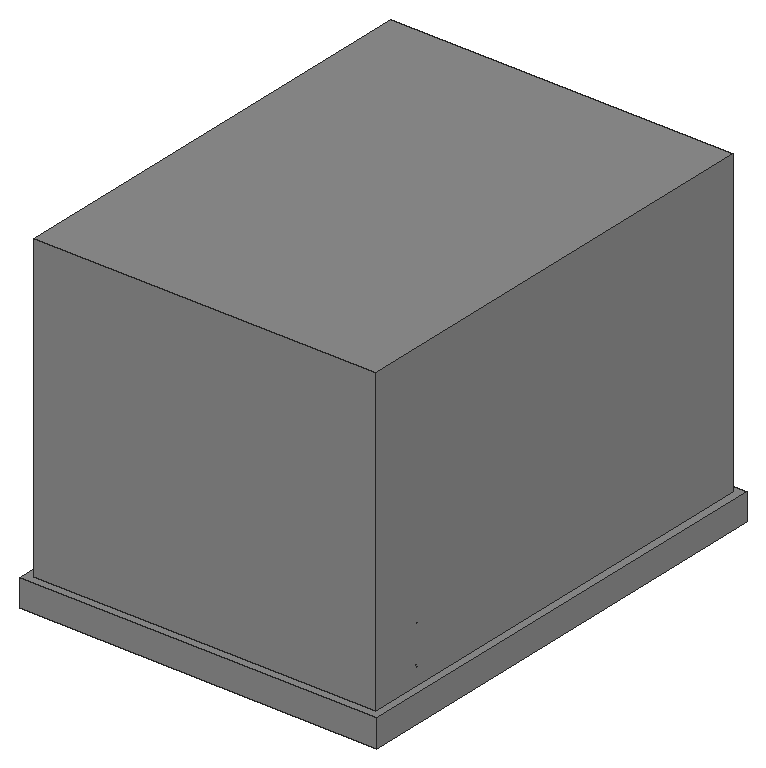
Revit family
Parameters (values of type "38AUZ07")
  Wired Condenser Coil Grille [instance] = no
  Width = 4' - 11 3/8"
  Voltage = 0 V
  Version = 1
  Unit Material = Paint - Carrier - American Sterling Gray
  URL = "www.carrier.com"
  Type Comments = "6 Tons Air Cooled Condensing Unit"
  Temperature Control [instance] = no
  Suction Connection Size = 1 1/8"
  Suction Connection Radus = Suction Connection Size / 2  # 9/16"
  Special Coated Coil Protection [instance] = no
  Right Clearance = 3' - 0"
  Programmable Thermostat [instance] = no
  Model = "38AUZ07"
  Manufacturer = "Carrier"  # constant formula
  MOCP = 0 A
  MCA = 0 A
  Louvered Hail Guard [instance] = no
  Liquid Connection Size = 3/8"
  Liquid Connection Radius = Liquid Connection Size / 2  # 3/16"
  Length = 3' - 9 7/8"
  Left Clearance = 3' - 0"
  IEER = 12.2
  Height = 3' - 6 3/8"
  Front Clearance = 3' - 6"
  Fan Radius = 1' - 0"
  Fan Centerline from Right and Front = Fan Radius + 0' 6"  # 1' - 6"
  Fan Centerline from Left and Back = Fan Radius + 0' 2"  # 1' - 2"
  EER = 11.5
  Disconnect Switch [instance] = no
  Disclaimer = "Manufacturer reserves the right to change, at any time, specifications and designs without notice and without obligation.  Please verify critical parameters with local Carrier commercial sales office."  # constant formula
  Convenience Outlet [instance] = no
  Back Clearance = 3' - 0"
  Assembly Code = "D3030"
Types (5): name | Type Comments | Suction Connection Size | Suction Connection Radus | Model | Liquid Connection Size | Liquid Connection Radius | IEER | Height | EER
  (no name) | "6 Tons Air Cooled Condensing Unit" | 1 1/8" | 9/16" | "38AUZ07" | 3/8" | 3/16" | 12.2 | 3' - 6 3/8" | 11.5
  38AUZ07 | "6 Tons Air Cooled Condensing Unit" | 1 1/8" | 9/16" | "38AUZ07" | 3/8" | 3/16" | 12.2 | 3' - 6 3/8" | 11.5
  38AUZ08 | "7.5 Tons Air Cooled Condensing Unit" | 1 1/8" | 9/16" | "38AUZ08" | 1/2" | 1/4" | 11.8 | 3' - 6 3/8" | 11.2
  38AUZ12 | "10 Tons Air Cooled Condensing Unit" | 1 3/8" | 11/16" | "28AUZ12" | 1/2" | 1/4" | 12 | 4' - 2 3/8" | 11.2
  38AUZ14 | "12.5 Tons Air Cooled Condensing Unit" | 1 3/8" | 11/16" | "38AUZ14" | 5/8" | 5/16" | 12 | 4' - 2 3/8" | 11
Reference planes (in)
  plane 1 "Center (Front/Back)": y = 0
  plane 2: z = 0
  plane 3 "Center (Left/Right)": x = 0
  plane 4 "Back Face of Base": y = 29.6875
  plane 5 "Front Face of Base": y = -29.6875
  plane 6 "Left Face of Base": x = -22.9375
  plane 7 "Right Face of Base": x = 22.9375
  plane 8 "Back Clearance Line": y = 65.6875
  plane 9 "Left Clearance Line": x = -58.9375
  plane 10 "Right Clearance Line": x = 58.9375
  plane 11 "Front Clearance Line": y = -71.6875
  plane 12 "Top of Unit": z = 42.375
  plane 13 "Bottom of Unit": z = 0
  plane 14 "Top of Base": z = 3.5
  plane 15 "Back Face of Unit": y = 28.6875
  plane 16 "Front Face of Unit": y = -28.6875
  plane 17 "Left Face of Unit": x = -21.9375
  plane 18 "Right Face of Unit": x = 21.9375
  plane 19 "Back Fan Centerline - Side to Side": y = 14.6875
  plane 20 "Front Fan Centerline - Side to Side": y = -10.6875
  plane 21 "Front Fan Centerline - Front to Back": x = -7.9375
  plane 22 "Back Fan Centerline - Front to Back": x = 3.9375
  plane 23 "Liquid and Section Connections": y = -21.5625
  plane 24 "Suction Connection": z = 11.25
  plane 25 "Liquid Connection": z = 6.25
  plane 26 "Power Entry Centerline - Vertical": z = 29.125
  plane 27 "Convenience Outlet Centerline - Vertical": z = 17
  plane 28 "Power Entry Centerline - Horizontal": y = -24.9375
  plane 29 "Convenience Outlet Centerline - Horizontal": y = -24.1875
Forms (in)
  Extrusion 1, solid, material "Paint - Carrier - American Sterling Gray" <- "Unit Material"
    sketch origin (0, 0, 3.5) x (-1, 0, 0) y (0, -1, 0)
      loop
        line (21.9375, 28.6875) -> (-21.9375, 28.6875) -> (-21.9375, -28.6875) -> (21.9375, -28.6875) -> (21.9375, 28.6875)
    from 0 to 38.875
  Extrusion 2, solid, material "Paint - Carrier - American Sterling Gray" <- "Unit Material"
    sketch origin (0, 0, 0) x (-1, 0, 0) y (0, -1, 0)
      loop
        line (22.9375, 29.6875) -> (-22.9375, 29.6875) -> (-22.9375, -29.6875) -> (22.9375, -29.6875) -> (22.9375, 29.6875)
    from 0 to 3.5
  Extrusion 3, solid, material "Paint - Carrier - American Sterling Gray" <- "Unit Material", detail levels fine
    sketch origin (21.9375, 0, 0) x (0, 1, 0) y (0, 0, 1)
      loop
        circle (-21.5625, 11.25) r 0.75
    from 0 to -0.5
  Extrusion 4, solid, material "Paint - Carrier - American Sterling Gray" <- "Unit Material", detail levels fine
    sketch origin (21.9375, 0, 0) x (0, 1, 0) y (0, 0, 1)
      loop
        circle (-21.5625, 6.25) r 0.75
    from 0 to -0.5
  Extrusion 5, void
    sketch origin (-21.9375, 0, 0) x (0, 1, 0) y (0, 0, 1)
      loop
        circle (-24.9375, 29.125) r 0.75
    from 0 to 0.5
  Extrusion 6, solid, material "Paint - Carrier - American Sterling Gray"
    sketch origin (-21.9375, 0, 0) x (0, 1, 0) y (0, 0, 1)
      loop
        line (-22.9375, 15) -> (-22.9375, 19) -> (-25.4375, 19) -> (-25.4375, 15) -> (-22.9375, 15)
    from 0 to -0.0625
Lines and regions (in)
  symbolic lines, style "Clearance Zones", detail levels fine
    curve 1: line (-58.9375, -71.6875, 0) -> (58.9375, -71.6875, 0)
    curve 2: line (-58.9375, 65.6875, 0) -> (-58.9375, -71.6875, 0)
    curve 3: line (58.9375, 65.6875, 0) -> (-58.9375, 65.6875, 0)
    curve 4: line (58.9375, -71.6875, 0) -> (58.9375, 65.6875, 0)
  model lines, detail levels medium+fine
    curve 5: line (-21.9375, -18.6875, 42.375) -> (-21.9375, -18.6875, 3.5)
    curve 6: line (-21.9375, -16.1875, 3.5) -> (-21.9375, -16.1875, 42.375)
    curve 7: line (-19.4375, -28.6875, 3.5) -> (-19.4375, -28.6875, 42.375)
    curve 8: line (21.9375, -26.1875, 4.5) -> (21.9375, -14.1875, 4.5)
    curve 9: line (21.9375, -26.1875, 13) -> (21.9375, -26.1875, 4.5)
    curve 10: line (21.9375, -14.1875, 13) -> (21.9375, -26.1875, 13)
    curve 11: line (21.9375, -14.1875, 4.5) -> (21.9375, -14.1875, 13)
Dimensions and locks (in)
  equal spacing: plane 6 "Left Face of Base", plane 3 "Center (Left/Right)", plane 7 "Right Face of Base"
  "Length": plane 6 "Left Face of Base" to plane 7 "Right Face of Base"
  equal spacing: plane 4 "Back Face of Base", plane 1 "Center (Front/Back)", plane 5 "Front Face of Base"
  "Width": plane 4 "Back Face of Base" to plane 5 "Front Face of Base"
  "Left Clearance": plane 9 "Left Clearance Line" to plane 6 "Left Face of Base"
  "Right Clearance": plane 7 "Right Face of Base" to plane 10 "Right Clearance Line"
  "Back Clearance": plane 8 "Back Clearance Line" to plane 4 "Back Face of Base"
  "Front Clearance": plane 5 "Front Face of Base" to plane 11 "Front Clearance Line"
  "Height": plane 12 "Top of Unit" to level
  locked: plane 14 "Top of Base" to plane 13 "Bottom of Unit" at 3.5
  locked: plane 4 "Back Face of Base" to plane 15 "Back Face of Unit" at 1
  locked: plane 16 "Front Face of Unit" to plane 5 "Front Face of Base" at 1
  locked: plane 6 "Left Face of Base" to plane 17 "Left Face of Unit" at 1
  locked: plane 18 "Right Face of Unit" to plane 7 "Right Face of Base" at 1
  "Fan Centerline from Left and Back": plane 17 "Left Face of Unit" to plane 21 "Front Fan Centerline - Front to Back"
  "Fan Centerline from Right and Front": plane 22 "Back Fan Centerline - Front to Back" to plane 18 "Right Face of Unit"
  "Fan Centerline from Right and Front": plane 20 "Front Fan Centerline - Side to Side" to plane 16 "Front Face of Unit"
  "Fan Centerline from Left and Back": plane 15 "Back Face of Unit" to plane 19 "Back Fan Centerline - Side to Side"
  locked: curve 5 to plane 5 "Front Face of Base" at 11
  locked: curve 7 to plane 17 "Left Face of Unit" at 2.5
  locked: curve 6 to curve 5 at 2.5
  locked: curve 8 to plane 14 "Top of Base" at 1
  locked: curve 10 to plane 13 "Bottom of Unit" at 13
  locked: plane 16 "Front Face of Unit" to curve 9 at 2.5
  locked: curve 9 to curve 11 at 12
  locked: plane 5 "Front Face of Base" to plane 23 "Liquid and Section Connections" at 8.125
  locked: plane 25 "Liquid Connection" to plane 13 "Bottom of Unit" at 6.25
  locked: plane 24 "Suction Connection" to plane 13 "Bottom of Unit" at 11.25
  locked: plane 12 "Top of Unit" to plane 26 "Power Entry Centerline - Vertical" at 13.25
  locked: plane 27 "Convenience Outlet Centerline - Vertical" to plane 13 "Bottom of Unit" at 17
  locked: plane 28 "Power Entry Centerline - Horizontal" to plane 16 "Front Face of Unit" at 3.75
  locked: plane 29 "Convenience Outlet Centerline - Horizontal" to plane 16 "Front Face of Unit" at 4.5
  Extrusion 6 sketch curve to plane 29 "Convenience Outlet Centerline - Horizontal" to Extrusion 6 sketch curve = 0' - 1 1/4" locked, 0' - 1 1/4" locked
  Extrusion 6 sketch curve to plane 27 "Convenience Outlet Centerline - Vertical" to Extrusion 6 sketch curve = 0' - 2" locked, 0' - 2" locked
  radius of Extrusion 3 sketch curve = 0' - 0 3/4"
  radius of Extrusion 4 sketch curve = 0' - 0 3/4"
  radius of Extrusion 5 sketch curve = 0' - 0 3/4"
  aligned and locked: level to plane 2
  aligned and locked: plane 8 "Back Clearance Line" to curve 3
  aligned and locked: plane 10 "Right Clearance Line" to curve 4
  aligned and locked: curve 1 to plane 11 "Front Clearance Line"
  aligned and locked: curve 2 to plane 9 "Left Clearance Line"
  aligned and locked: level to plane 13 "Bottom of Unit"
  aligned and locked: plane 15 "Back Face of Unit" to Extrusion 1
  aligned and locked: plane 18 "Right Face of Unit" to Extrusion 1
  aligned and locked: Extrusion 1 to plane 16 "Front Face of Unit"
  aligned and locked: Extrusion 1 to plane 17 "Left Face of Unit"
  aligned and locked: Extrusion 1 to plane 14 "Top of Base"
  aligned and locked: plane 12 "Top of Unit" to Extrusion 1
  aligned and locked: Extrusion 2 to plane 6 "Left Face of Base"
  aligned and locked: plane 4 "Back Face of Base" to Extrusion 2
  aligned and locked: plane 7 "Right Face of Base" to Extrusion 2
  aligned and locked: Extrusion 2 to plane 5 "Front Face of Base"
  aligned and locked: Extrusion 2 to plane 13 "Bottom of Unit"
  aligned and locked: plane 14 "Top of Base" to Extrusion 2
  aligned and locked: plane 22 "Back Fan Centerline - Front to Back" to nested 2
  aligned and locked: nested 2 to plane 19 "Back Fan Centerline - Side to Side"
  aligned and locked: plane 21 "Front Fan Centerline - Front to Back" to nested 1
  aligned and locked: nested 1 to plane 20 "Front Fan Centerline - Side to Side"
  aligned and locked: plane 12 "Top of Unit" to curve 5
  aligned and locked: plane 14 "Top of Base" to curve 5
  aligned and locked: plane 12 "Top of Unit" to curve 6
  aligned and locked: plane 14 "Top of Base" to curve 6
  aligned and locked: plane 12 "Top of Unit" to curve 7
  aligned and locked: plane 14 "Top of Base" to curve 7
  aligned and locked: plane 24 "Suction Connection" to Extrusion 3 sketch curve
  aligned and locked: plane 23 "Liquid and Section Connections" to Extrusion 3 sketch curve
  aligned and locked: plane 23 "Liquid and Section Connections" to Extrusion 4 sketch curve
  aligned and locked: plane 25 "Liquid Connection" to Extrusion 4 sketch curve
  aligned and locked: plane 26 "Power Entry Centerline - Vertical" to Extrusion 5 sketch curve
  aligned and locked: plane 28 "Power Entry Centerline - Horizontal" to Extrusion 5 sketch curve
  aligned and locked: plane 17 "Left Face of Unit" to Extrusion 6
  aligned and locked: plane 18 "Right Face of Unit" to Extrusion 4
  aligned and locked: plane 18 "Right Face of Unit" to Extrusion 3
Automatic sketch dimensions
  Extrusion 1 sketch curve to plane 18 "Right Face of Unit" = 0' - 0"
  plane 17 "Left Face of Unit" to Extrusion 1 sketch curve = 0' - 0"
  Extrusion 1 sketch curve to plane 15 "Back Face of Unit" = 0' - 0"
  plane 16 "Front Face of Unit" to Extrusion 1 sketch curve = 0' - 0"
  plane 7 "Right Face of Base" to Extrusion 2 sketch curve = 0' - 0"
  Extrusion 2 sketch curve to plane 6 "Left Face of Base" = 0' - 0"
  plane 4 "Back Face of Base" to Extrusion 2 sketch curve = 0' - 0"
  Extrusion 2 sketch curve to plane 5 "Front Face of Base" = 0' - 0"
Nested families (in)
  nested 1: "Fan-Grill-Carrier" at (-7.9375, -10.6875, 42.375), built-in parameter 1001364 <- "Height", type "Fan-Grill-Carrier"
  nested 2: "Fan-Grill-Carrier" at (3.9375, 14.6875, 42.375), built-in parameter 1001364 <- "Height", type "Fan-Grill-Carrier"
Connectors (in)
  piping at (21.9375, -21.5625, 11.25), driven by "Suction Connection Radus"
    settings: on Extrusion 3, index 3, connector radius 9/16", flow factor 0, pipe flow 0 GPM, pressure drop 0.00 psi, fitting loss kfactor 0, connector angle 0.00°, fixture units 0, flow configuration 1, flow direction 1, fitting loss method 0, system type 22, connector reference index -1, connector utility 0, adjustable connector no, is connector primary yes, fitting loss table "", connector description "Suction Connection"
  piping at (21.9375, -21.5625, 6.25), driven by "Liquid Connection Radius"
    settings: on Extrusion 4, index 4, connector radius 3/16", flow factor 0, pipe flow 0 GPM, pressure drop 0.00 psi, fitting loss kfactor 0, connector angle 0.00°, fixture units 0, flow configuration 1, flow direction 2, fitting loss method 0, system type 22, connector reference index -1, connector utility 0, adjustable connector no, is connector primary no, fitting loss table "", connector description "Liquid Connection"
  electrical at (-21.9375, -24.9375, 29.125)
    settings: on Extrusion 5, index 5, voltage 0 V, apparent load 0 VA, apparent load phase1 0 VA, apparent load phase2 0 VA, apparent load phase3 0 VA, power factor 1, load classification "Motor", number of poles 3, system type 30, power factor state 1, is connector primary yes, connector utility no, sub classification motor no, connector description "Primary Power"
Definition of nested family "Fan-Grill-Carrier"
  Parameters (values of type "OutdoorFan")
    Fan Radius = 0' - 11"
    Fan 3rd Circle Radius = Fan Radius * 0.75  # 0' - 8 1/4"
    Fan 2nd Circle Radius = Fan Radius * 0.5  # 0' - 5 1/2"
    Fan Inner Circle Radius = Fan Radius * 0.25  # 0' - 2 3/4"
    Assembly Code = ""
  Reference planes (in)
    plane 1 "Center (Front/Back)": y = 0
    plane 2: z = 0
    plane 3 "Center (Left/Right)": x = 0
  Lines and regions (in)
    model lines, style "Fan", detail levels medium+fine
      curve 1: circle (0, 0, 0) r 11 normal (0, 0, 1)
      curve 2: circle (0, 0, 0) r 5.5 normal (0, 0, 1)
      curve 3: circle (0, 0, 0) r 2.75 normal (0, 0, 1)
      curve 4: circle (0, 0, 0) r 8.25 normal (0, 0, 1)
  Dimensions and locks (in)
    "Fan Radius": radius of curve 1
    "Fan 3rd Circle Radius": radius of curve 4
    "Fan Inner Circle Radius": radius of curve 3
    "Fan 2nd Circle Radius": radius of curve 2
    aligned and locked: level to plane 2
  Automatic sketch dimensions
    curve 1 to curve 3 = 0' - 0"  (x2)
    curve 2 to curve 4 = 0' - 0"  (x2)
    curve 3 to curve 4 = 0' - 0"  (x2)
    plane 1 "Center (Front/Back)" to curve 2 = 0' - 0"
    curve 2 to plane 3 "Center (Left/Right)" = 0' - 0"
